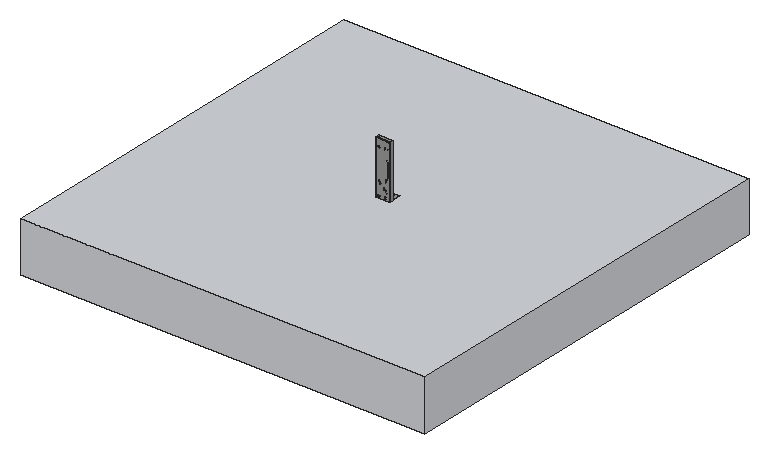
Revit family "Hekatron_Feststellanlagen_KONSOLE 143-S_DE_22.01", category Brandmelder, Revit 2018
Family settings
  Basisbauteil = Fläche
  Beschriftungsausrichtung beibehalten = Nein
  Bemaßung runder Anschluss = Durchmesser verwenden
  Teiletyp = Normal
  Beim Laden mit Abzugskörper schneiden = Nein
  Gemeinsam genutzt = Nein
  Raumberechnungspunkt = Nein
Parameters (values of type "Console 143-S")
  Zulässige Umgebungstemperatur = ""
  Zulässige Luftgeschwindigkeit = ""
  Zulassungen nach EN 54 = ""
  Width [instance] = 75 mm
  Version des BIM Objektes = "22.01"
  VdS-Anerkennung = ""
  URL = "https://www.hekatron-brandschutz.de"
  UB A&S Artikel Nummer = "3510232"
  Typenkommentare = "Konsole zur Sturzmontage von Rauch- und Thermoschalter"
  Tiefe (mm) = "86.0"
  Stromaufnahme = ""
  Schutzart = ""
  Rauchteil einstellbar = ""
  Nettogewicht (g) = ""
  Montageart = "Wand- oder Sturzmontage"
  Modell = "KONSOLE 143-S"
  Material = "Metall"
  Link zum Datenblatt = ""
  Link zu ausschreiben.de = "http://www.ausschreiben.de/katalog/Hekatron/position/46"
  Link zu Produktinformation = "https://www.hekatron-planungstools.de/Produktinfo/KONSOLE_143-S.PDF"
  Link zu Ausschreibungstext = "https://www.meinhplus.de/login"
  Leistungserklärung (DoP) = ""
  Lautstärke DIN-Ton (dB) = ""
  Kabeleinführung = ""
  Höhe (mm) = "75.0"
  Hersteller = "Hekatron"
  Heigth [instance] = 81 mm
  Funktionsprinzip = ""
  Farbe = "weiß, ähnlich RAL 9010"
  Ex-Zonen = ""
  Einstellung Temperaturklasse nach EN 54-5 = ""
  Einstellung Temperaturindex nach EN 54-5 = ""
  Einstellung Rauchempfindlichkeit nach EN 54-20 = ""
  Einstellen Rauchempfindlichkeit nach EN 54-7 = ""
  EG-Konformitätszertifikat / Zertifikat der Leistungsbeständigkeit = ""
  Durchmesser (mm) = ""
  Depth [instance] = 323 mm
  Vorgabe-Ansicht = 1200 mm
  Breite (mm) = "323.0"
  Betriebsspannung = ""
  Beschreibung = "Konsole zur Montage der Rauchund Thermoschalter im Sturzbereich."
  Bauartgenehmigungen = ""
  Anzahl Ansaugleitungen = ""
  Ansprechtemperatur = ""
  Alarm- & Empfindlichkeitsbereich = ""
Reference planes
  plane 1 "Center (Front/Back)": y = 0
  plane 2: z = 0
  plane 3 "Center (Left/Right)": x = 0
Forms (mm)
  Extrusion 1, solid
    sketch origin (0, 0, 0) x (1, 0, 0) y (0, 1, 0)
      loop
        line (-1219.2, 1219.2) -> (-1219.2, -1219.2) -> (1219.2, -1219.2) -> (1219.2, 1219.2) -> (-1219.2, 1219.2)
    from 0 to -304.8
  Extrusion 2, solid, material "Steel, Carbon"
    sketch origin (0, 0, 0) x (1, 0, 0) y (0, 1, 0)
      loop
        arc (-43, -8.5) -> (-41.828, -11.328) -> (-39, -12.5) r 4
        line (-39, -12.5) -> (39, -12.5)
        arc (39, -12.5) -> (41.828, -11.328) -> (43, -8.5) r 4
        line (43, -8.5) -> (43, 12.5) -> (41, 12.5) -> (41, -8.5)
        arc (41, -8.5) -> (40.414, -9.914) -> (39, -10.5) r 2
        line (39, -10.5) -> (-39, -10.5)
        arc (-39, -10.5) -> (-40.414, -9.914) -> (-41, -8.5) r 2
        line (-41, -8.5) -> (-41, 12.5) -> (-43, 12.5) -> (-43, -8.5)
    from 0 to 323
  Extrusion 3, solid, material "Steel, Carbon"
    sketch origin (0, 0, 0) x (0, 1, 0) y (0, 0, 1)
      loop
        arc (-8.5, 2) -> (-9.914, 2.586) -> (-10.5, 4) r 2
        line (-10.5, 4) -> (-10.5, 319)
        arc (-10.5, 319) -> (-9.914, 320.414) -> (-8.5, 321) r 2
        line (-8.5, 321) -> (12.5, 321) -> (12.5, 323) -> (-8.5, 323)
        arc (-8.5, 323) -> (-11.328, 321.828) -> (-12.5, 319) r 4
        line (-12.5, 319) -> (-12.5, 4)
        arc (-12.5, 4) -> (-11.328, 1.172) -> (-8.5, 0) r 4
        line (-8.5, 0) -> (62.5, 0) -> (62.5, 2) -> (-8.5, 2)
    from -40.5 to 40.5
  Extrusion 4, void
    sketch origin (0, 0, 0) x (1, 0, 0) y (0, 1, 0)
      loop
        circle (0, 40.5) r 5.5
      loop
        arc (-22.75, 45.263) -> (-20, 35) -> (-17.25, 45.263) r 5.5
        line (-17.25, 45.263) -> (-17.25, 52)
        arc (-17.25, 52) -> (-20, 54.75) -> (-22.75, 52) r 2.75
        line (-22.75, 52) -> (-22.75, 45.263)
      loop
        line (22.75, 45.263) -> (22.75, 52)
        arc (22.75, 52) -> (20, 54.75) -> (17.25, 52) r 2.75
        line (17.25, 52) -> (17.25, 45.263)
        arc (17.25, 45.263) -> (20, 35) -> (22.75, 45.263) r 5.5
      loop
        circle (-20, 2.5) r 7.5
      loop
        circle (20, 2.5) r 7.5
    from -7.115 to 8.341
  Extrusion 5, void
    sketch origin (0, 0, 0) x (1, 0, 0) y (0, 0, 1)
      loop
        circle (20, 15) r 7.5
      loop
        circle (-20, 15) r 7.5
    from 5.779 to 20.244
  Extrusion 6, void
    sketch origin (0, 0, 0) x (1, 0, 0) y (0, 0, 1)
      loop
        circle (11.7, 63.3) r 5
      loop
        circle (-11.7, 86.7) r 5
    from 7.462 to 20.892
  Extrusion 7, solid, material "Steel, Carbon"
    sketch origin (0, 0, 0) x (1, 0, 0) y (0, 0, 1)
      loop
        line (18, 118.5) -> (-18, 118.5)
        arc (-18, 118.5) -> (-19.414, 117.914) -> (-20, 116.5) r 2
        line (-20, 116.5) -> (-20, 100.5)
        arc (-20, 100.5) -> (-19.414, 99.086) -> (-18, 98.5) r 2
        line (-18, 98.5) -> (18, 98.5)
        arc (18, 98.5) -> (19.414, 99.086) -> (20, 100.5) r 2
        line (20, 100.5) -> (20, 116.5)
        arc (20, 116.5) -> (19.414, 117.914) -> (18, 118.5) r 2
    from 9.6 to 10
  Extrusion 8, solid, material "Steel, Carbon"
    sketch origin (0, 0, 0) x (1, 0, 0) y (0, 0, 1)
      loop
        line (31.5, 215) -> (-31.5, 215) -> (-31.5, 122) -> (31.5, 122) -> (31.5, 215)
    from 2.5 to 10.5
  Extrusion 9, solid, material "Steel, Carbon"
    sketch origin (0, 0, 0) x (1, 0, 0) y (0, 0, 1)
      loop
        line (31.5, 122) -> (-31.5, 122) -> (-22.5, 109) -> (22.5, 109) -> (31.5, 122)
    from 10 to 10.5
  Extrusion 10, void
    sketch origin (0, 0, 0) x (1, 0, 0) y (0, 0, 1)
      loop
        circle (-16.5, 279.5) r 5
      loop
        circle (16.5, 279.5) r 5
      loop
        circle (-29.75, 279.5) r 1.25
      loop
        circle (29.75, 279.5) r 1.25
      loop
        circle (-21, 96) r 1.25
      loop
        circle (21, 54) r 1.25
    from 7.958 to 16.977
  Extrusion 11, solid, material "Steel, Carbon"
    sketch origin (0, 0, 0) x (1, 0, 0) y (0, 0, 1)
      loop
        circle (-21, 96) r 3.15
      loop
        circle (-21, 96) r 1.25
      loop
        circle (21, 54) r 3.15
      loop
        circle (21, 54) r 1.25
      loop
        circle (29.799, 279.499) r 3.15
      loop
        circle (29.799, 279.499) r 1.25
      loop
        circle (-29.799, 279.499) r 3.15
      loop
        circle (-29.799, 279.499) r 1.25
    from 9 to 10.5
  Extrusion 12, solid, material "Steel, Carbon"
    sketch origin (0, 0, 0) x (1, 0, 0) y (0, 0, 1)
      loop
        circle (22.5, 41.5) r 3.57
      loop
        circle (22.5, 41.5) r 1.75
      loop
        circle (-22.5, 41.5) r 3.57
      loop
        circle (-22.5, 41.5) r 1.75
      loop
        circle (22.5, 219.5) r 3.57
      loop
        circle (22.5, 219.5) r 1.75
      loop
        circle (-22.5, 219.5) r 3.57
      loop
        circle (-22.5, 219.5) r 1.75
    from -12.5 to 10.5
Cuts and joins
  Extrusion 5, Extrusion 6, Extrusion 10 cuts Extrusion 2
  Extrusion 4, Extrusion 5, Extrusion 6, Extrusion 10 cuts Extrusion 3
  joined: Extrusion 2, Extrusion 3, Extrusion 7, Extrusion 8, Extrusion 9, Extrusion 12
Dimensions and locks
  "Depth": cut or joined group 1 (Extrusion 2, Extrusion 3, Extrusion 4, Extrusion 5, Extrusion 6, Extrusion 7, Extrusion 8, Extrusion 9, Extrusion 10, Extrusion 12) to Extrusion 1
  "Heigth": cut or joined group 1 to cut or joined group 1
  "Width": cut or joined group 1 to cut or joined group 1
  aligned and locked: plane 2 to Extrusion 1
  aligned and locked: level to Extrusion 1
Automatic sketch dimensions
  Extrusion 1 sketch curve to Extrusion 1 sketch curve = 2438.4 mm  (x2)
  Extrusion 2 sketch curve to Extrusion 2 sketch curve = 0 mm  (x4)
  plane 1 "Center (Front/Back)" to Extrusion 2 sketch curve = 8.5 mm  (x2)
  Extrusion 2 sketch curve to plane 3 "Center (Left/Right)" = 43 mm
  Extrusion 2 sketch curve to Extrusion 2 sketch curve = 2 mm  (x2)
  plane 3 "Center (Left/Right)" to Extrusion 2 sketch curve = 39 mm
  Extrusion 2 sketch curve to plane 1 "Center (Front/Back)" = 12.5 mm  (x2)
  Extrusion 3 sketch curve to Extrusion 3 sketch curve = 0 mm  (x4)
  Extrusion 3 sketch curve to level = 0 mm
  level to Extrusion 3 sketch curve = 4 mm
  plane 1 "Center (Front/Back)" to Extrusion 3 sketch curve = 12.5 mm
  Extrusion 3 sketch curve to Extrusion 3 sketch curve = 2 mm  (x2)
  Extrusion 3 sketch curve to plane 1 "Center (Front/Back)" = 12.5 mm
  Extrusion 3 sketch curve to plane 1 "Center (Front/Back)" = 62.5 mm
  Extrusion 3 sketch curve to Extrusion 3 sketch curve = 315 mm
  Extrusion 4 sketch curve to plane 3 "Center (Left/Right)" = 0 mm
  Extrusion 4 sketch curve to plane 3 "Center (Left/Right)" = 17.25 mm
  Extrusion 4 sketch curve to plane 1 "Center (Front/Back)" = 2.5 mm  (x2)
  Extrusion 4 sketch curve to plane 3 "Center (Left/Right)" = 20 mm
  Extrusion 4 sketch curve to Extrusion 4 sketch curve = 2.75 mm  (x4)
  plane 3 "Center (Left/Right)" to Extrusion 4 sketch curve = 17.25 mm
  plane 3 "Center (Left/Right)" to Extrusion 4 sketch curve = 20 mm
  Extrusion 4 sketch curve to Extrusion 4 sketch curve = 38 mm  (x2)
  Extrusion 4 sketch curve to Extrusion 4 sketch curve = 0 mm
  Extrusion 4 sketch curve to Extrusion 4 sketch curve = 4.763 mm  (x2)
  Extrusion 4 sketch curve to Extrusion 4 sketch curve = 6.737 mm  (x2)
  Extrusion 5 sketch curve to plane 3 "Center (Left/Right)" = 20 mm
  plane 3 "Center (Left/Right)" to Extrusion 5 sketch curve = 20 mm
  level to Extrusion 5 sketch curve = 15 mm  (x2)
  Extrusion 6 sketch curve to plane 3 "Center (Left/Right)" = 11.7 mm
  plane 3 "Center (Left/Right)" to Extrusion 6 sketch curve = 11.7 mm
  level to Extrusion 6 sketch curve = 63.3 mm
  Extrusion 6 sketch curve to Extrusion 6 sketch curve = 23.4 mm
  Extrusion 7 sketch curve to plane 3 "Center (Left/Right)" = 20 mm
  Extrusion 7 sketch curve to Extrusion 7 sketch curve = 2 mm  (x3)
  plane 3 "Center (Left/Right)" to Extrusion 7 sketch curve = 18 mm
  Extrusion 7 sketch curve to Extrusion 7 sketch curve = 0 mm
  level to Extrusion 7 sketch curve = 98.5 mm
  Extrusion 7 sketch curve to Extrusion 7 sketch curve = 16 mm
  Extrusion 8 sketch curve to plane 3 "Center (Left/Right)" = 31.5 mm
  plane 3 "Center (Left/Right)" to Extrusion 8 sketch curve = 31.5 mm
  level to Extrusion 8 sketch curve = 122 mm
  Extrusion 8 sketch curve to Extrusion 8 sketch curve = 93 mm
  Extrusion 9 sketch curve to plane 3 "Center (Left/Right)" = 31.5 mm
  Extrusion 9 sketch curve to Extrusion 9 sketch curve = 9 mm  (x2)
  plane 3 "Center (Left/Right)" to Extrusion 9 sketch curve = 22.5 mm
  level to Extrusion 9 sketch curve = 109 mm
  Extrusion 9 sketch curve to Extrusion 9 sketch curve = 13 mm
  Extrusion 10 sketch curve to plane 3 "Center (Left/Right)" = 29.75 mm
  Extrusion 10 sketch curve to plane 3 "Center (Left/Right)" = 21 mm
  Extrusion 10 sketch curve to Extrusion 10 sketch curve = 13.25 mm  (x2)
  plane 3 "Center (Left/Right)" to Extrusion 10 sketch curve = 16.5 mm
  plane 3 "Center (Left/Right)" to Extrusion 10 sketch curve = 21 mm
  level to Extrusion 10 sketch curve = 54 mm
  Extrusion 10 sketch curve to Extrusion 10 sketch curve = 42 mm
  Extrusion 10 sketch curve to Extrusion 10 sketch curve = 183.5 mm
  Extrusion 10 sketch curve to Extrusion 10 sketch curve = 0 mm  (x3)
  Extrusion 11 sketch curve to Extrusion 11 sketch curve = 0 mm  (x9)
  Extrusion 11 sketch curve to plane 3 "Center (Left/Right)" = 29.799 mm
  Extrusion 11 sketch curve to plane 3 "Center (Left/Right)" = 21 mm
  plane 3 "Center (Left/Right)" to Extrusion 11 sketch curve = 21 mm
  plane 3 "Center (Left/Right)" to Extrusion 11 sketch curve = 29.799 mm
  level to Extrusion 11 sketch curve = 54 mm
  Extrusion 11 sketch curve to Extrusion 11 sketch curve = 42 mm
  Extrusion 11 sketch curve to Extrusion 11 sketch curve = 183.499 mm
  Extrusion 12 sketch curve to Extrusion 12 sketch curve = 0 mm  (x9)
  Extrusion 12 sketch curve to plane 3 "Center (Left/Right)" = 22.5 mm  (x2)
  plane 3 "Center (Left/Right)" to Extrusion 12 sketch curve = 22.5 mm  (x2)
  level to Extrusion 12 sketch curve = 41.5 mm  (x2)
  Extrusion 12 sketch curve to Extrusion 12 sketch curve = 178 mm
  radius of Extrusion 4 sketch curve = 5.5 mm
  radius of Extrusion 4 sketch curve = 7.5 mm  (x2)
  radius of Extrusion 5 sketch curve = 7.5 mm  (x2)
  radius of Extrusion 6 sketch curve = 5 mm  (x2)
  radius of Extrusion 10 sketch curve = 5 mm  (x2)
  radius of Extrusion 10 sketch curve = 1.25 mm  (x4)
  radius of Extrusion 11 sketch curve = 3.15 mm  (x4)
  radius of Extrusion 11 sketch curve = 1.25 mm  (x4)
  radius of Extrusion 12 sketch curve = 3.57 mm  (x4)
  radius of Extrusion 12 sketch curve = 1.75 mm  (x4)
